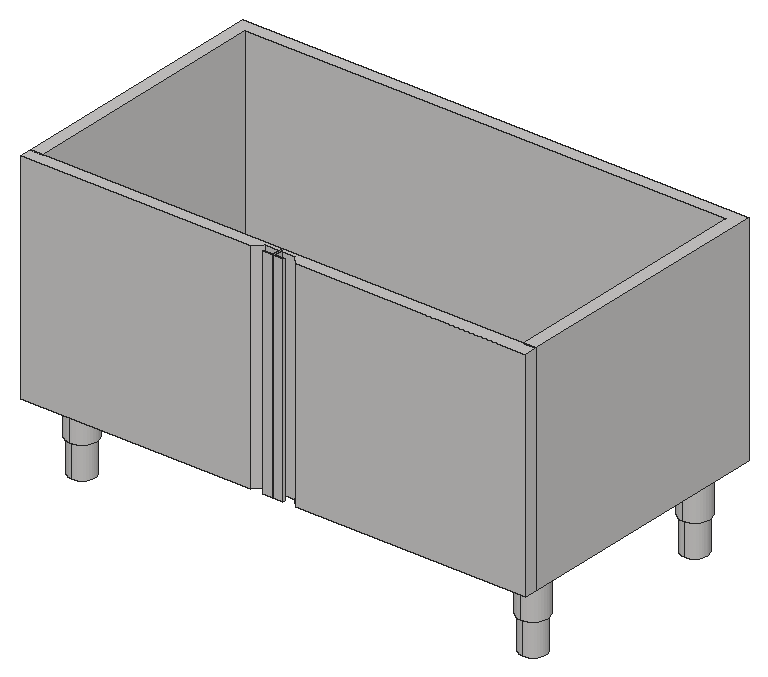
Revit family "QF_GIORIK_SUL1000", category Specialty Equipment, Revit 2014
Parameters (values of type "SUL1000")
  Weight in Pounds = 0
  URL Cutsheet = "www.giorik.com"
  URL = "www.giorik.com"
  Status [instance] = ""
  Specification by User [instance] = ""
  Specification by Manufacturer = ""
  Show Logo [instance] = yes
  Show Clearance [instance] = yes
  Serial Number = ""
  Seismic Rating = ""
  SMACNA No = ""
  Revision Code [instance] = ""
  NAFEM Spec ID Number = ""
  Model = "SUL1000"
  Masterspec = ""
  Manufacturer = "GIORIK"
  Item Number [instance] = ""
  Installed By [instance] = ""
  Identify Quantity as Lot [instance] = no
  Furnished By [instance] = ""
  Foodservice Equipment Identifier [instance] = yes
  Description = "NEUTRAL CUPBOARD WITH SHELF L=1000"
  CSI MasterFormat = ""
  Assembly Code = "E1090320"
Reference planes
  plane 1 "Back": y = 0
  plane 2: z = 0
  plane 3 "Left": x = 0
  plane 4 "Right": x = 1000
  plane 5 "Front": y = -600
  plane 6 "Top": z = 580
Forms (mm)
  Extrusion 1, solid
    sketch origin (-16, 1016.81, 0) x (1, 0, 0) y (0, 1, 0)
      loop
        line (25, -1086.81) -> (25, -1156.81) -> (115, -1156.81) -> (115, -1086.81) -> (25, -1086.81)
    from 148 to 150
  Extrusion 2, solid
    sketch origin (1016, 1016.81, 0) x (-1, 0, 0) y (0, -1, 0)
      loop
        line (25, 1086.81) -> (115, 1086.81) -> (115, 1156.81) -> (25, 1156.81) -> (25, 1086.81)
    from 148 to 150
  Extrusion 3, solid
    sketch origin (0, -40, 599.536) x (1, 0, 0) y (0, 1, 0)
      loop
        line (0, -525) -> (25, -525) -> (25, -25) -> (975, -25) -> (975, -525) -> (1000, -525) -> (1000, 0) -> (0, 0) -> (0, -525)
    from -449.536 to -19.536
  Extrusion 4, solid
    sketch origin (0, -40, 0) x (1, 0, 0) y (0, 1, 0)
      loop
        line (25, -25) -> (25, -525) -> (975, -525) -> (975, -25) -> (25, -25)
    from 150 to 175
  Extrusion 5, solid
    sketch origin (-16, 616.81, 0) x (1, 0, 0) y (0, 1, 0)
      loop
        line (25, -1086.81) -> (25, -1156.81) -> (115, -1156.81) -> (115, -1086.81) -> (25, -1086.81)
    from 148 to 150
  Revolve 6, solid
    sketch origin (54, 616.81, 0) x (0, 1, 0) y (0, 0, 1)
      loop
        line (-1092.56, 66) -> (-1092.56, 148) -> (-1121.81, 148) -> (-1121.81, 0) -> (-1096.81, 0) -> (-1096.81, 66) -> (-1092.56, 66)
      axis (-1121.81, 0) -> (-1121.81, 148)
    angle from 0 to 360
  Revolve 7, solid
    sketch origin (946, 616.81, 0) x (0, 1, 0) y (0, 0, 1)
      loop
        line (-1092.56, 66) -> (-1092.56, 148) -> (-1121.81, 148) -> (-1121.81, 0) -> (-1096.81, 0) -> (-1096.81, 66) -> (-1092.56, 66)
      axis (-1121.81, 0) -> (-1121.81, 148)
    angle from 0 to 360
  Revolve 8, solid
    sketch origin (946, 1016.81, 0) x (0, 1, 0) y (0, 0, 1)
      loop
        line (-1092.56, 66) -> (-1092.56, 148) -> (-1121.81, 148) -> (-1121.81, 0) -> (-1096.81, 0) -> (-1096.81, 66) -> (-1092.56, 66)
      axis (-1121.81, 0) -> (-1121.81, 148)
    angle from 0 to 360
  Revolve 9, solid
    sketch origin (54, 1016.81, 0) x (0, 1, 0) y (0, 0, 1)
      loop
        line (-1092.56, 66) -> (-1092.56, 148) -> (-1121.81, 148) -> (-1121.81, 0) -> (-1096.81, 0) -> (-1096.81, 66) -> (-1092.56, 66)
      axis (-1121.81, 0) -> (-1121.81, 148)
    angle from 0 to 360
  Extrusion 10, solid
    sketch origin (1016, 616.81, 0) x (-1, 0, 0) y (0, -1, 0)
      loop
        line (25, 1086.81) -> (115, 1086.81) -> (115, 1156.81) -> (25, 1156.81) -> (25, 1086.81)
    from 148 to 150
  Extrusion 11, solid, visible <- "Show Clearance", detail levels coarse
    sketch origin (5, -462.861, -10) x (1, 0, 0) y (0, 1, 0)
      loop
        line (-5, -127.139) -> (-5, -627.139)
        arc (-5, -627.139) -> (348.553, -480.692) -> (495, -127.139) r 500
        line (495, -127.139) -> (-5, -127.139)
    from 160 to 590
  Extrusion 12, solid
    sketch origin (505, -2, 1020) x (0, 1, 0) y (-1, 0, 0)
      loop
        line (-563, 5) -> (-563, 505) -> (-588, 505) -> (-588, 50) -> (-571, 35) -> (-571, 8) -> (-585, 8) -> (-585, 25) -> (-588, 25) -> (-588, 5) -> (-563, 5)
    from -870 to -440
  Extrusion 13, solid, visible <- "Show Clearance", detail levels coarse
    sketch origin (995, -462.861, -10) x (-1, 0, 0) y (0, -1, 0)
      loop
        line (-5, 127.139) -> (495, 127.139)
        arc (495, 127.139) -> (348.553, 480.692) -> (-5, 627.139) r 500
        line (-5, 627.139) -> (-5, 127.139)
    from 160 to 590
  Extrusion 14, solid
    sketch origin (495, -2, 1020) x (0, 1, 0) y (-1, 0, 0)
      loop
        line (-563, -5) -> (-588, -5) -> (-588, -25) -> (-585, -25) -> (-585, -8) -> (-571, -8) -> (-571, -35) -> (-588, -50) -> (-588, -505) -> (-563, -505) -> (-563, -5)
    from -870 to -440
Lines and regions (mm)
  symbolic lines, style "200-EquipHidden-2D", visible <- "Show Clearance", detail levels coarse
    curve 1: line (0, -40, 580) -> (1000, -40, 580)
    curve 2: line (0, -590, 580) -> (0, -40, 580)
    curve 3: line (1000, -590, 580) -> (0, -590, 580)
    curve 4: line (1000, -40, 580) -> (1000, -590, 580)
  symbolic lines, style "QF_Door-Drawer Clearances", visible <- "Show Clearance", detail levels coarse
    curve 5: line (1000, -600, 580) -> (1000, -1090, 580)
    curve 6: line (0, -600, 580) -> (0, -1090, 580)
    curve 7: arc (499.9, -600, 580) -> (350, -947.071, 580) -> (0, -1090, 580) r 500
    curve 8: arc (500.1, -600, 580) -> (650, -947.071, 580) -> (1000, -1090, 580) r 500
Dimensions and locks
  plane 3 "Left" to plane 4 "Right" = 1000 mm
  plane 5 "Front" to plane 1 "Back" = 600 mm
  plane 4 "Right" to plane 3 "Left" = 1000 mm
  plane 1 "Back" to plane 5 "Front" = 600 mm
  plane 6 "Top" to level = 580 mm  (x2)
  aligned and locked: level to plane 2
